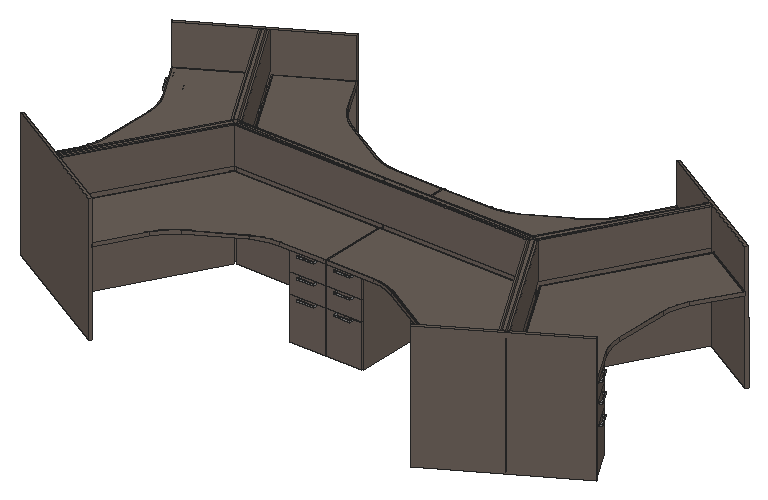
Revit family "T200064", category Furniture, Revit 2022 (continued)
Definition of nested family "FIRST OFFICE-STAKS-BRACKETS-WORKSURFACE-SCWBKT"
  Lines and regions (in)
    Masking region 1
      outline origin (0, 0, 0) x (1, 0, 0) y (0, 1, 0)
        loop
          line (0, 0) -> (0, -16) -> (2, -16) -> (2, 0) -> (0, 0)
  Dimensions and locks (in)
    "WB LNGTH": plane 5 to plane 1 "Back"
    aligned and locked: Extrusion 1 to plane 1 "Back"
    aligned and locked: plane 5 to Extrusion 1
    aligned and locked: Extrusion 1 to plane 3 "VERTICAL SIDE"
    aligned and locked: plane 6 to Extrusion 1
  Automatic sketch dimensions
    Extrusion 1 sketch curve to plane 3 "VERTICAL SIDE" = 0' - 0"
    Extrusion 1 sketch curve to plane 6 = 0' - 0"
    Extrusion 1 sketch curve to plane 4 = 0' - 0"
    plane 3 "VERTICAL SIDE" to Extrusion 1 sketch curve = 0' - 0.0641"
    Extrusion 1 sketch curve to plane 4 = 0' - 0.0641"
    Extrusion 1 sketch curve to Extrusion 1 sketch curve = 0' - 1.9359"
    Masking region 1 sketch curve to plane 3 "VERTICAL SIDE" = 0' - 0"
    Masking region 1 sketch curve to plane 6 = 0' - 0"
    plane 5 to Masking region 1 sketch curve = 0' - 0"
    plane 1 "Back" to Masking region 1 sketch curve = 0' - 0"
Definition of nested family "FIRST OFFICE-STAKS-BRACKETS-CANTILEVER"
  Parameters
    URL = "http://www.firstoffice.com/products/crossover/staks/"
    Default Elevation = 0' - 0"
    CANTILEVER = yes
    Model = "WSBKT36"
    Manufacturer = "FIRST OFFICE-STAKS"
    MANUFACTURERS' CODE = "FOF"
    ENVIRONMENTAL = "http://www.firstoffice.com/products/crossover/staks/"
    Description = "CANTILEVER 36\" WORKSURFACE BRACKET"
    OPEN CANTILEVER = no
    CATALOG CODE = "FST"
    BRKT LENGHTH = 2' - 4"
    Assembly Code = ""
  Reference planes (in)
    plane 1 "Center Front/Back": y = 0
    plane 2: z = 0
    plane 3 "Center Left/Right": x = 0
    plane 4: y = -28
    plane 5: y = -1.625
    plane 6: z = 27.375
    plane 7: z = 21.125
    plane 8: x = 1.5
    plane 9: z = 27.25
  Forms (in)
    Extrusion 1, solid, visible <- "CANTILEVER"
      sketch origin (0.75575, 0, -0.00016) x (1, 0, 0) y (0, 0, 1)
        loop
          line (-0.59885, 27.2704) -> (0.34885, 27.2704) -> (0.34885, 27.375) -> (-0.59885, 27.375)
          arc (-0.59885, 27.375) -> (-0.7098, 27.32904) -> (-0.75575, 27.2181) r 0.1569
          line (-0.75575, 27.2181) -> (-0.65115, 27.2181)
          arc (-0.65115, 27.2181) -> (-0.63583, 27.25508) -> (-0.59885, 27.2704) r 0.0523
      from 1.70815 to 28
    Extrusion 2, solid, visible <- "CANTILEVER"
      sketch origin (0.75575, -27.375, -0.62516) x (1, 0, 0) y (0, 1, 0)
        loop
          line (-0.59885, 27.2704) -> (0.59885, 27.2704) -> (0.59885, 27.375) -> (-0.59885, 27.375)
          arc (-0.59885, 27.375) -> (-0.7098, 27.32904) -> (-0.75575, 27.2181) r 0.1569
          line (-0.75575, 27.2181) -> (-0.65115, 27.2181)
          arc (-0.65115, 27.2181) -> (-0.63583, 27.25508) -> (-0.59885, 27.2704) r 0.0523
      from 22.00017 to 26.29185
    Extrusion 3, solid, visible <- "CANTILEVER"
      sketch origin (0, 0, -0.00016) x (0, 1, 0) y (0, 0, 1)
        loop
          line (-0.1569, 21.37517) -> (-0.1569, 25.66685) -> (-0.1046, 25.66685) -> (-1.70815, 27.2704) -> (-1.70815, 27.2181) -> (-1.99945, 27.2181) -> (-1.99945, 24.8502)
          arc (-1.99945, 24.8502) -> (-2.05062, 24.79204) -> (-2.125, 24.7704) r 0.13867
          line (-2.125, 24.7704) -> (-4.875, 24.7704)
          arc (-4.875, 24.7704) -> (-4.96339, 24.80701) -> (-5, 24.8954) r 0.125
          line (-5, 24.8954) -> (-5, 27.2181) -> (-28, 27.2181)
          arc (-28, 27.2181) -> (-27.89606, 26.96462) -> (-27.67545, 26.80219) r 0.50714
          line (-27.67545, 26.80219) -> (-2.20992, 21.75649)
          arc (-2.20992, 21.75649) -> (-1.1975, 21.48997) -> (-0.1569, 21.37517) r 7.10188
      from 0 to 0.1046
    Extrusion 4, void
      sketch origin (0, 0, -0.00016) x (0, 1, 0) y (0, 0, 1)
        loop
          line (-1.99945, 27.2181) -> (-1.99945, 27.375) -> (-5, 27.375) -> (-5, 27.2181) -> (-1.99945, 27.2181)
      from 0 to 0.1046
    Extrusion 5, solid, visible <- "OPEN CANTILEVER"
      sketch origin (0, 0, 0) x (0, 1, 0) y (0, 0, 1)
        loop
          line (-1.67678, 27.25) -> (-0.125, 25.69822) -> (0, 25.75) -> (-1.625, 27.375) -> (-1.67678, 27.25)
      from 0 to 1.5
    Extrusion 6, solid, visible <- "OPEN CANTILEVER"
      sketch origin (0, 0, 0) x (0, 1, 0) y (0, 0, 1)
        loop
          line (-0.125, 25.69822) -> (-0.125, 21.125) -> (0, 21.125) -> (0, 25.75) -> (-0.125, 25.69822)
      from 0 to 1.5
    Extrusion 7, solid, visible <- "OPEN CANTILEVER"
      sketch origin (0, 0, 0) x (0, 1, 0) y (0, 0, 1)
        loop
          line (-1.625, 27.375) -> (-28, 27.375) -> (-28, 27.25) -> (-1.67678, 27.25) -> (-1.625, 27.375)
      from 0 to 1.5
    Extrusion 8, solid, visible <- "OPEN CANTILEVER"
      sketch origin (-4.45494, 0, 0.0936) x (0, 1, 0) y (0, 0, 1)
        loop
          line (-0.125, 21.09762) -> (-0.125, 21.8654) -> (-24.28033, 27.1564) -> (-27.78553, 27.1564) -> (-0.125, 21.09762)
      from 5.07994 to 5.32994
  Cuts and joins
    Extrusion 4 cuts Extrusion 1
    Extrusion 4 cuts Extrusion 3
    joined: Extrusion 1, Extrusion 2, Extrusion 3
  Lines and regions (in)
    Masking region 1, visible <- "CANTILEVER"
      outline origin (0, 0, 0) x (1, 0, 0) y (0, 1, 0)
        loop
          line (1.3546, 0) -> (0.1569, 0)
          arc (0.1569, 0) -> (0.04595, -0.04595) -> (0, -0.1569) r 0.1569
          line (0, -0.1569) -> (0, -28) -> (1.1046, -28) -> (1.1046, -1.70815) -> (0.1046, -1.70815) -> (0.1046, -0.1574)
          arc (0.1046, -0.1574) -> (0.12006, -0.12006) -> (0.1574, -0.1046) r 0.0528
          line (0.1574, -0.1046) -> (1.3546, -0.1046) -> (1.3546, 0)
    Masking region 2, visible <- "OPEN CANTILEVER"
      outline origin (0, 0, 0) x (1, 0, 0) y (0, 1, 0)
        loop
          line (1.5, 0) -> (0, 0) -> (0, -1.625) -> (1.5, -1.625) -> (1.5, 0)
    Masking region 3, visible <- "OPEN CANTILEVER"
      outline origin (0, 0, 0) x (1, 0, 0) y (0, 1, 0)
        loop
          line (1.5, -1.625) -> (0, -1.625) -> (0, -28) -> (1.5, -28) -> (1.5, -1.625)
  Dimensions and locks (in)
    "BRKT LENGHTH": plane 4 to plane 1 "Center Front/Back"
    locked: plane 1 "Center Front/Back" to cut or joined group of Extrusion 1, Extrusion 2, Extrusion 3, Extrusion 4 at 1.70815
    locked: plane 1 "Center Front/Back" to cut or joined group of Extrusion 1, Extrusion 2, Extrusion 3, Extrusion 4 at 1.99945
    locked: cut or joined group of Extrusion 1, Extrusion 2, Extrusion 3, Extrusion 4 to cut or joined group of Extrusion 1, Extrusion 2, Extrusion 3, Extrusion 4 at 3.00055
    locked: plane 1 "Center Front/Back" to plane 5 at 1.625
    Extrusion 8 sketch curve to Extrusion 8 sketch curve = 0' - 0 3/4"
    locked: plane 3 "Center Left/Right" to Extrusion 8 at 0.625
    locked: Extrusion 8 to plane 8 at 0.625
    aligned and locked: Extrusion 4 sketch curve to Extrusion 1
    aligned and locked: Extrusion 4 sketch curve to Extrusion 3
    aligned and locked: Extrusion 3 to Extrusion 4 sketch curve  (x2)
    aligned and locked: plane 4 to cut or joined group of Extrusion 1, Extrusion 2, Extrusion 3, Extrusion 4
    aligned and locked: cut or joined group of Extrusion 1, Extrusion 2, Extrusion 3, Extrusion 4 to plane 1 "Center Front/Back"
    aligned and locked: Extrusion 5 to Extrusion 6
    aligned and locked: Extrusion 6 to Extrusion 5
    aligned and locked: Extrusion 5 to Extrusion 7
    aligned and locked: Extrusion 7 to Extrusion 5
    aligned and locked: Extrusion 7 to plane 3 "Center Left/Right"
    aligned and locked: plane 8 to Extrusion 7
    aligned and locked: Extrusion 8 to Extrusion 6
    aligned and locked: plane 9 to Extrusion 8 sketch curve
  Automatic sketch dimensions
    Extrusion 1 sketch curve to Extrusion 1 sketch curve = 0' - 0"  (x2)
    Extrusion 1 sketch curve to plane 3 "Center Left/Right" = 0' - 0"
    plane 3 "Center Left/Right" to Extrusion 1 sketch curve = 0' - 0.1046"
    plane 3 "Center Left/Right" to Extrusion 1 sketch curve = 0' - 0.1569"
    Extrusion 1 sketch curve to Extrusion 1 sketch curve = 0' - 0.9477"
    level to Extrusion 1 sketch curve = 2' - 3.21794"
    Extrusion 2 sketch curve to Extrusion 2 sketch curve = 0' - 0"  (x2)
    plane 1 "Center Front/Back" to Extrusion 2 sketch curve = 0' - 0"
    Extrusion 2 sketch curve to plane 3 "Center Left/Right" = 0' - 0"
    plane 3 "Center Left/Right" to Extrusion 2 sketch curve = 0' - 0.1046"
    plane 3 "Center Left/Right" to Extrusion 2 sketch curve = 0' - 0.1569"
    Extrusion 2 sketch curve to Extrusion 2 sketch curve = 0' - 1.1977"
    Extrusion 3 sketch curve to plane 4 = 0' - 0"
    Extrusion 3 sketch curve to plane 4 = 0' - 0.32455"
    Extrusion 3 sketch curve to plane 6 = 0' - 0.09855"
    Extrusion 3 sketch curve to plane 4 = 0' - 0.50375"
    plane 5 to Extrusion 3 sketch curve = 0' - 3 3/8"
    Extrusion 3 sketch curve to Extrusion 3 sketch curve = 0' - 0 1/8"
    plane 5 to Extrusion 3 sketch curve = 0' - 0.58492"
    plane 5 to Extrusion 3 sketch curve = 0' - 0 1/2"
    plane 5 to Extrusion 3 sketch curve = 0' - 0.37445"
    plane 5 to Extrusion 3 sketch curve = 0' - 0.08315"
    Extrusion 3 sketch curve to Extrusion 3 sketch curve = 0' - 0.0523"  (x2)
    Extrusion 3 sketch curve to plane 1 "Center Front/Back" = 0' - 0.0994"
    Extrusion 3 sketch curve to Extrusion 3 sketch curve = 0' - 0.75778"
    Extrusion 3 sketch curve to Extrusion 3 sketch curve = 0' - 2.3227"
    plane 7 to Extrusion 3 sketch curve = 0' - 0.63133"
    Extrusion 3 sketch curve to Extrusion 3 sketch curve = 0' - 0.38132"
    Masking region 1 sketch curve to plane 3 "Center Left/Right" = 0' - 0"
    plane 1 "Center Front/Back" to Masking region 1 sketch curve = 0' - 0"
    plane 4 to Masking region 1 sketch curve = 0' - 0"
    plane 3 "Center Left/Right" to Masking region 1 sketch curve = 0' - 0.1046"
    plane 3 "Center Left/Right" to Masking region 1 sketch curve = 0' - 0.1569"
    Masking region 1 sketch curve to Masking region 1 sketch curve = 0' - 0.0005"
    plane 3 "Center Left/Right" to Masking region 1 sketch curve = 0' - 1.1046"
    plane 1 "Center Front/Back" to Masking region 1 sketch curve = 0' - 0.1046"
    Masking region 1 sketch curve to Masking region 1 sketch curve = 0' - 1.1972"
    plane 5 to Masking region 1 sketch curve = 0' - 0.08315"
    Extrusion 5 sketch curve to plane 5 = 0' - 0"
    Extrusion 5 sketch curve to plane 1 "Center Front/Back" = 0' - 0"
    Extrusion 5 sketch curve to plane 6 = 0' - 0"
    plane 5 to Extrusion 5 sketch curve = 0' - 0.05178"
    Extrusion 5 sketch curve to Extrusion 5 sketch curve = 0' - 0.05178"
    Extrusion 6 sketch curve to plane 1 "Center Front/Back" = 0' - 0"
    Extrusion 6 sketch curve to plane 7 = 0' - 0"
    Extrusion 6 sketch curve to Extrusion 6 sketch curve = 0' - 0.05178"
    Extrusion 7 sketch curve to plane 4 = 0' - 0"
    Extrusion 7 sketch curve to plane 5 = 0' - 0"
    Extrusion 7 sketch curve to plane 6 = 0' - 0"
    plane 5 to Extrusion 7 sketch curve = 0' - 0.05178"
    plane 7 to Extrusion 8 sketch curve = 0' - 0.06622"
    Extrusion 8 sketch curve to plane 4 = 0' - 0.21447"
    plane 1 "Center Front/Back" to Extrusion 3 sketch curve = 0' - 0.1569"
    plane 1 "Center Front/Back" to Extrusion 5 sketch curve = 0' - 0 1/8"
    plane 1 "Center Front/Back" to Extrusion 6 sketch curve = 0' - 0 1/8"
    Extrusion 3 sketch curve to plane 6 = 0' - 2.60476"
    Extrusion 3 sketch curve to Extrusion 3 sketch curve = 0' - 0.0798"
    Extrusion 3 sketch curve to plane 6 = 0' - 0.15706"
    Extrusion 5 sketch curve to plane 6 = 0' - 0 1/8"
    Extrusion 5 sketch curve to plane 6 = 0' - 1 5/8"
    Extrusion 6 sketch curve to plane 6 = 0' - 1.67678"
    Extrusion 7 sketch curve to plane 6 = 0' - 0 1/8"
    plane 1 "Center Front/Back" to Extrusion 8 sketch curve = 0' - 0 1/8"
    Masking region 2 sketch curve to plane 3 "Center Left/Right" = 0' - 0"
    plane 5 to Masking region 2 sketch curve = 0' - 0"
    Masking region 2 sketch curve to plane 8 = 0' - 0"
    plane 1 "Center Front/Back" to Masking region 2 sketch curve = 0' - 0"
    Masking region 3 sketch curve to plane 3 "Center Left/Right" = 0' - 0"
    plane 4 to Masking region 3 sketch curve = 0' - 0"
    Masking region 3 sketch curve to plane 8 = 0' - 0"
    plane 5 to Masking region 3 sketch curve = 0' - 0"
Definition of nested family "FIRST OFFICE-STAKS-BRACKETS-CANTILEVER-CONCEALED"
  Parameters
    URL = "http://www.firstoffice.com/products/crossover/staks/"
    Model = "WSBKTC22"
    Manufacturer = "FIRST OFFICE-STAKS"
    MANUFACTURERS' CODE = "FOF"
    ENVIRONMENTAL = "http://www.firstoffice.com/products/crossover/staks/"
    Description = "CONCEALED CANTILEVER 22\" WORKSURFACE BRACKET"
    Default Elevation = 0' - 0"
    CATALOG CODE = "FST"
    BRKT LENGHTH = 1' - 4"
    Assembly Code = ""
  Reference planes (in)
    plane 1 "Center Front/Back": y = 0
    plane 2: z = 0
    plane 3 "Center Left/Right": x = 0
    plane 4: y = -16
    plane 5: y = -1.625
    plane 6: z = 27.375
    plane 7: z = 21.125
    plane 8: x = 1.5
    plane 9: z = 27.25
  Forms (in)
    Extrusion 1, solid
      sketch origin (0, 0, 0) x (0, 1, 0) y (0, 0, 1)
        loop
          line (-1.72855, 27.125) -> (-0.25, 25.64645) -> (0, 25.75) -> (-1.625, 27.375) -> (-1.72855, 27.125)
      from 0 to 1.5
    Extrusion 2, solid
      sketch origin (0, 0, 0) x (0, 1, 0) y (0, 0, 1)
        loop
          line (-0.125, 25.69822) -> (-0.125, 21.125) -> (0, 21.125) -> (0, 25.75) -> (-0.125, 25.69822)
      from 0 to 1.5
    Extrusion 3, solid
      sketch origin (0, 0, 0) x (0, 1, 0) y (0, 0, 1)
        loop
          line (-1.625, 27.375) -> (-16, 27.375) -> (-16, 27.125) -> (-1.72855, 27.125) -> (-1.625, 27.375)
      from 0 to 1.5
  Lines and regions (in)
    Masking region 1
      outline origin (0, 0, 0) x (1, 0, 0) y (0, 1, 0)
        loop
          line (1.5, 0) -> (0, 0) -> (0, -16) -> (1.5, -16) -> (1.5, 0)
  Dimensions and locks (in)
    "BRKT LENGHTH": plane 4 to plane 1 "Center Front/Back"
    locked: plane 1 "Center Front/Back" to plane 5 at 1.625
    aligned and locked: Extrusion 1 to Extrusion 2
    aligned and locked: Extrusion 2 to Extrusion 1
    aligned and locked: Extrusion 1 to Extrusion 3
    aligned and locked: Extrusion 3 to Extrusion 1
    aligned and locked: Extrusion 3 to plane 3 "Center Left/Right"
    aligned and locked: plane 8 to Extrusion 3
  Automatic sketch dimensions
    Extrusion 1 sketch curve to plane 5 = 0' - 0"
    Extrusion 1 sketch curve to plane 1 "Center Front/Back" = 0' - 0"
    Extrusion 1 sketch curve to plane 6 = 0' - 0"
    plane 5 to Extrusion 1 sketch curve = 0' - 0.10355"
    Extrusion 1 sketch curve to Extrusion 1 sketch curve = 0' - 0.10355"
    Extrusion 2 sketch curve to plane 1 "Center Front/Back" = 0' - 0"
    Extrusion 2 sketch curve to plane 7 = 0' - 0"
    Extrusion 2 sketch curve to Extrusion 2 sketch curve = 0' - 0.05178"
    Extrusion 3 sketch curve to plane 4 = 0' - 0"
    Extrusion 3 sketch curve to plane 5 = 0' - 0"
    Extrusion 3 sketch curve to plane 6 = 0' - 0"
    plane 5 to Extrusion 3 sketch curve = 0' - 0.10355"
    plane 1 "Center Front/Back" to Extrusion 1 sketch curve = 0' - 0 1/4"
    plane 1 "Center Front/Back" to Extrusion 2 sketch curve = 0' - 0 1/8"
    Extrusion 1 sketch curve to plane 6 = 0' - 0 1/4"
    Extrusion 1 sketch curve to plane 6 = 0' - 1 5/8"
    Extrusion 2 sketch curve to plane 6 = 0' - 1.67678"
    Extrusion 3 sketch curve to plane 6 = 0' - 0 1/4"
    Masking region 1 sketch curve to plane 3 "Center Left/Right" = 0' - 0"
    plane 4 to Masking region 1 sketch curve = 0' - 0"
    Masking region 1 sketch curve to plane 8 = 0' - 0"
    plane 1 "Center Front/Back" to Masking region 1 sketch curve = 0' - 0"
Definition of nested family "STAKS FABRIC TACKBOARD FOR SPINE OR DIVIDER WALL"
  Parameters (values of type "STAKS FABRIC TACKBOARD FOR SPINE OR DIVIDER WALL 12H x 27-48.9375W")
    URL = "http://www.ofs.com/"
    Height Above Floor [instance] = 3' - 5 1/2"
    Height = 1' - 0"
    Depth = 0' - 0 1/2"
    Model = "FT30A"
    Manufacturer = "OFS"
    Description = "OFS STAKS FABRIC TACKBOARD FOR SPINE OR DIVIDER WALL 12\" Height X 27\" - 48.9375\" Width, Any Width in 1/8\" Increments available within Ranges Shown"
    Width = 2' - 3"
    Default Elevation = 0' - 0"
    Copyright © = "© 2018 OFS"
    Catalog = "https://ofs.com/products/casegoods/private-office/staks"
    Authoring Version = "Autodesk Revit Architecture 2013"
    Assembly Code = "E2020200"
  Types (6): name | Height Above Floor | Height | Model | Description | Width
    STAKS FABRIC TACKBOARD FOR SPINE OR DIVIDER WALL 12H x 27-48.9375W | 3' - 5 1/2" | 1' - 0" | "FT30A" | "OFS STAKS FABRIC TACKBOARD FOR SPINE OR DIVIDER WALL 12\" Height X 27\" - 48.9375\" Width, Any Width in 1/8\" Increments available within Ranges Shown" | 2' - 3"
    STAKS FABRIC TACKBOARD FOR SPINE OR DIVIDER WALL 12H x 74-96W | 3' - 5 1/2" | 1' - 0" | "FT30C" | "OFS STAKS FABRIC TACKBOARD FOR SPINE OR DIVIDER WALL 12\" Height X 74\" - 96\" Width, Any Width in 1/8\" Increments available within Ranges Shown" | 6' - 2"
    STAKS FABRIC TACKBOARD FOR SPINE OR DIVIDER WALL 12H x 49-73.9375W | 3' - 5 1/2" | 1' - 0" | "FT30B" | "OFS STAKS FABRIC TACKBOARD FOR SPINE OR DIVIDER WALL 12\" Height X 49\" - 73.9375\" Width, Any Width in 1/8\" Increments available within Ranges Shown" | 4' - 1"
    STAKS FABRIC TACKBOARD FOR SPINE OR DIVIDER WALL 18H x 27-48.9375W | 3' - 11 1/2" | 1' - 6" | "FT30D" | "OFS STAKS FABRIC TACKBOARD FOR SPINE OR DIVIDER WALL 18\" Height X 27\" - 48.9375\" Width, Any Width in 1/8\" Increments available within Ranges Shown" | 2' - 3"
    STAKS FABRIC TACKBOARD FOR SPINE OR DIVIDER WALL 18H x 49-73.9375W | 3' - 11 1/2" | 1' - 6" | "FT30E" | "OFS STAKS FABRIC TACKBOARD FOR SPINE OR DIVIDER WALL 18\" Height X 49\" - 73.9375\" Width, Any Width in 1/8\" Increments available within Ranges Shown" | 4' - 1"
    STAKS FABRIC TACKBOARD FOR SPINE OR DIVIDER WALL 18H x 74-96W | 3' - 11 1/2" | 1' - 6" | "FT30F" | "OFS STAKS FABRIC TACKBOARD FOR SPINE OR DIVIDER WALL 18\" Height X 74\" - 96\" Width, Any Width in 1/8\" Increments available within Ranges Shown" | 6' - 2"
  Reference planes (in)
    plane 1: z = -0.125
    plane 2 "LEFT": x = 7.55498
    plane 3 "RIGHT": x = 34.55498
    plane 4 "BACK": y = -1.83365
    plane 5 "FRONT": y = -2.33365
    plane 6: x = 7.67998
    plane 7: x = 34.42998
    plane 8: y = -1.95865
    plane 9: y = -2.20865
    plane 10: z = 29.375
    plane 11 "SURFACE TOP": z = 41.375
  Forms (in)
    Extrusion 1, solid
      sketch origin (0, 0, 17.125) x (-1, 0, 0) y (0, -1, 0)
        loop
          line (-7.55498, 1.83365) -> (-7.55498, 2.33365) -> (-34.55498, 2.33365) -> (-34.55498, 1.83365) -> (-7.55498, 1.83365)
      from 24.25 to 12.25
  Dimensions and locks (in)
    "Depth": plane 4 "BACK" to plane 5 "FRONT"
    "Width": plane 2 "LEFT" to plane 3 "RIGHT"
    "Height": plane 11 "SURFACE TOP" to plane 10
    locked: plane 4 "BACK" to plane 8 at 0.125
    locked: plane 2 "LEFT" to plane 6 at 0.125
    locked: plane 7 to plane 3 "RIGHT" at 0.125
    locked: plane 9 to plane 5 "FRONT" at 0.125
    "Height Above Floor": plane 11 "SURFACE TOP" to level
    aligned: level to plane 1
    aligned and locked: plane 11 "SURFACE TOP" to Extrusion 1
    aligned and locked: Extrusion 1 to plane 10
    aligned and locked: plane 4 "BACK" to Extrusion 1 sketch curve
    aligned and locked: Extrusion 1 sketch curve to plane 2 "LEFT"
    aligned and locked: Extrusion 1 sketch curve to plane 5 "FRONT"
    aligned and locked: plane 3 "RIGHT" to Extrusion 1 sketch curve
